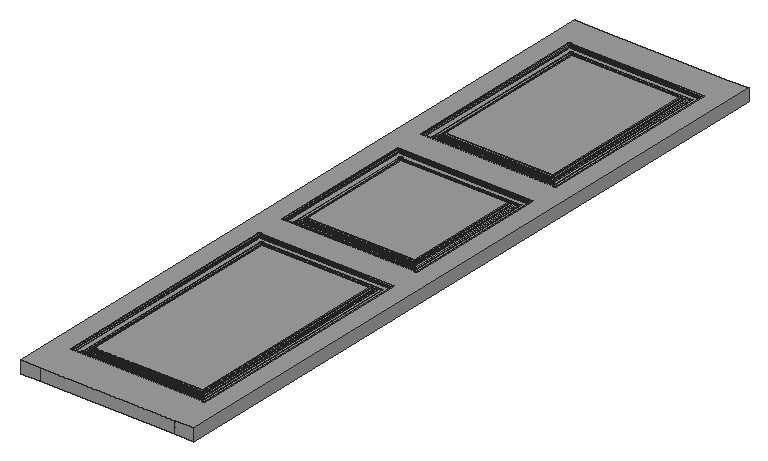
Revit family "Raised Panel tri panel", category Generic Models, Revit 2017
Family settings
  Can host rebar = No
  Round Connector Dimension = Use Diameter
  Part Type = Normal
  Work Plane-Based = Yes
  Always vertical = No
  Cut with Voids When Loaded = No
  Shared = No
  Room Calculation Point = No
Parameters
  Type Comments = "****All shutter dimensionsand configurations to be approved by NHSI****"
  Top Rail = 0' - 3 1/4"
  Shutter Width = 1' - 6"
  Website = ""
  URL = "www.newhorizonshutters.com"
  Shutter Thickness = 0' - 1 1/4"
  Model = "Raised Panel Tri-Panel"
  Mid Rail 2 Height = 4' - 0"
  Mid Rail 2 = 0' - 3"
  Manufacturer = "New Horizon Shutters"
  Shutter Height = 6' - 0"
  Finish Color = Default
  Default Elevation = 4' - 0"
  Mid Rail 1 Height = 2' - 6"
  Mid Rail 1 = 0' - 3"
  Bottom Rail = 0' - 4"
Reference planes (in)
  plane 1 "Center (Front/Back)": y = 0
  plane 2: z = 0
  plane 3 "Center (Left/Right)": x = 0
  plane 4: x = -9
  plane 5: y = 36
  plane 6: y = -36
  plane 7 "Y - axis_2": x = 9
  plane 8: z = 1.25
  plane 9: y = 32.75
  plane 10: y = -32
  plane 11 "Center_Rail_Datum": y = -6
  plane 12: z = 0.625
  plane 13: y = 12
Forms (in)
  Extrusion 1, solid, material "Default" <- "Finish Color"
    sketch origin (0, 0, 0) x (1, 0, 0) y (0, 1, 0)
      loop
        line (-9, -36) -> (-7, -36) -> (7, -36) -> (9, -36) -> (9, 36) -> (7, 36) -> (-7, 36) -> (-9, 36) -> (-9, -36)
      loop
        line (-7, -7.5) -> (-7, -32) -> (7, -32) -> (7, -7.5) -> (-7, -7.5)
      loop
        line (7, 32.75) -> (-7, 32.75) -> (-7, 13.5) -> (7, 13.5) -> (7, 32.75)
      loop
        line (-7, -4.5) -> (7, -4.5) -> (7, 10.5) -> (-7, 10.5) -> (-7, -4.5)
    from 0 to 1.25
  Sweep 2, solid, material "Default" <- "Finish Color"
    path in 3D
      loop
        line (7, 32.75, 1.25) -> (7, 13.5, 1.25) -> (-7, 13.5, 1.25) -> (-7, 32.75, 1.25) -> (7, 32.75, 1.25)
    profile origin (0, 32.75, 1.25) x (0, 1, 0) y (0, 0, 1)
      loop
        line (-1.37752, 0) -> (-1.37752, -0.625) -> (0, -0.625) -> (0, 0)
        arc (0, 0) -> (-0.02504, -0.01378) -> (-0.04104, -0.03746) r 0.06091
        arc (-0.04104, -0.03746) -> (-0.04628, -0.0548) -> (-0.04928, -0.07267) r 0.14219
        arc (-0.04928, -0.07267) -> (-0.05171, -0.09346) -> (-0.05472, -0.11416) r 0.74503
        arc (-0.05472, -0.11416) -> (-0.05996, -0.14893) -> (-0.06674, -0.18344) r 0.79069
        arc (-0.06674, -0.18344) -> (-0.07486, -0.21112) -> (-0.08675, -0.23741) r 0.20791
        arc (-0.08675, -0.23741) -> (-0.10165, -0.25791) -> (-0.12147, -0.2737) r 0.09437
        arc (-0.12147, -0.2737) -> (-0.1457, -0.28741) -> (-0.17052, -0.3) r 0.6066
        line (-0.17052, -0.3) -> (-0.62752, -0.3)
        arc (-0.62752, -0.3) -> (-0.64208, -0.29496) -> (-0.65681, -0.29049) r 0.40453
        arc (-0.65681, -0.29049) -> (-0.67266, -0.28638) -> (-0.68869, -0.283) r 0.36191
        line (-0.68869, -0.283) -> (-0.75912, -0.24542)
        arc (-0.75912, -0.24542) -> (-0.78951, -0.24115) -> (-0.82014, -0.2391) r 0.42091
        arc (-0.82014, -0.2391) -> (-0.89256, -0.23551) -> (-0.9648, -0.22914) r 1.88003
        arc (-0.9648, -0.22914) -> (-1.00444, -0.22264) -> (-1.04313, -0.21183) r 0.36506
        arc (-1.04313, -0.21183) -> (-1.05886, -0.20433) -> (-1.07242, -0.19338) r 0.07449
        arc (-1.07242, -0.19338) -> (-1.09569, -0.17614) -> (-1.12317, -0.16702) r 0.0916
        arc (-1.12317, -0.16702) -> (-1.14278, -0.16417) -> (-1.16247, -0.16199) r 0.5759
        arc (-1.16247, -0.16199) -> (-1.18273, -0.15909) -> (-1.20261, -0.15422) r 0.20782
        arc (-1.20261, -0.15422) -> (-1.23665, -0.13494) -> (-1.25889, -0.10277) r 0.08751
        arc (-1.25889, -0.10277) -> (-1.26838, -0.08102) -> (-1.27928, -0.05995) r 0.36482
        arc (-1.27928, -0.05995) -> (-1.32053, -0.01708) -> (-1.37752, 0) r 0.11715
  Sweep 3, solid, material "Default" <- "Finish Color"
    path in 3D
      loop
        line (7, -32, 1.25) -> (-7, -32, 1.25) -> (-7, -7.5, 1.25) -> (7, -7.5, 1.25) -> (7, -32, 1.25)
    profile origin (7, -19.75, 1.25) x (1, 0, 0) y (0, 0, 1)
      loop
        arc (-0.04103, -0.03763) -> (-0.04627, -0.05498) -> (-0.04927, -0.07285) r 0.14219
        arc (-0.04927, -0.07285) -> (-0.0517, -0.09363) -> (-0.05471, -0.11434) r 0.74503
        arc (-0.05471, -0.11434) -> (-0.05994, -0.14911) -> (-0.06672, -0.18361) r 0.79069
        arc (-0.06672, -0.18361) -> (-0.07485, -0.21129) -> (-0.08673, -0.23758) r 0.20791
        arc (-0.08673, -0.23758) -> (-0.10164, -0.25808) -> (-0.12146, -0.27388) r 0.09437
        arc (-0.12146, -0.27388) -> (-0.14568, -0.28759) -> (-0.17051, -0.30018) r 0.6066
        line (-0.17051, -0.30018) -> (-0.62751, -0.30018)
        arc (-0.62751, -0.30018) -> (-0.64206, -0.29514) -> (-0.6568, -0.29066) r 0.40453
        arc (-0.6568, -0.29066) -> (-0.67265, -0.28656) -> (-0.68867, -0.28318) r 0.36191
        line (-0.68867, -0.28318) -> (-0.7591, -0.24559)
        arc (-0.7591, -0.24559) -> (-0.7895, -0.24132) -> (-0.82012, -0.23928) r 0.42091
        arc (-0.82012, -0.23928) -> (-0.89255, -0.23569) -> (-0.96478, -0.22931) r 1.88003
        arc (-0.96478, -0.22931) -> (-1.00442, -0.22282) -> (-1.04311, -0.21201) r 0.36506
        arc (-1.04311, -0.21201) -> (-1.05885, -0.20451) -> (-1.07241, -0.19356) r 0.07449
        arc (-1.07241, -0.19356) -> (-1.09567, -0.17631) -> (-1.12315, -0.16719) r 0.0916
        arc (-1.12315, -0.16719) -> (-1.14276, -0.16434) -> (-1.16246, -0.16217) r 0.5759
        arc (-1.16246, -0.16217) -> (-1.18272, -0.15927) -> (-1.2026, -0.15439) r 0.20782
        arc (-1.2026, -0.15439) -> (-1.23663, -0.13512) -> (-1.25887, -0.10294) r 0.08751
        arc (-1.25887, -0.10294) -> (-1.26837, -0.0812) -> (-1.27926, -0.06012) r 0.36482
        arc (-1.27926, -0.06012) -> (-1.32051, -0.01725) -> (-1.37751, -0.00018) r 0.11715
        line (-1.37751, -0.00018) -> (-1.37751, -0.62518) -> (0.00001, -0.62518) -> (0.00001, -0.00018)
        arc (0.00001, -0.00018) -> (-0.02503, -0.01395) -> (-0.04103, -0.03763) r 0.06091
  Extrusion 4, solid, material "Default" <- "Finish Color"
    sketch origin (0, 0, 0) x (1, 0, 0) y (0, 1, 0)
      loop
        line (-5.62248, 14.87752) -> (5.62248, 14.87752) -> (5.62248, 31.37248) -> (-5.62248, 31.37248) -> (-5.62248, 14.87752)
      loop
        line (-5.62249, -30.62249) -> (5.62249, -30.62249) -> (5.62249, -8.87749) -> (-5.62249, -8.87749) -> (-5.62249, -30.62249)
    from 0.625 to 1.25
  Extrusion 5, solid, material "Default" <- "Finish Color"
    sketch origin (0, 0, 0) x (1, 0, 0) y (0, 1, 0)
      loop
        line (-6.95885, 32.70885) -> (-6.95885, -4.50001) -> (7.00002, -4.50001) -> (7.00002, 32.70885) -> (-6.95885, 32.70885)
      loop
        line (-7.00003, -7.49997) -> (-7.00003, -32.00003) -> (7.00003, -32.00003) -> (7.00003, -7.49997) -> (-7.00003, -7.49997)
    from 0 to 0.625
  Sweep 6, solid, material "Default" <- "Finish Color"
    path in 3D
      loop
        line (7, 10.5, 1.25) -> (7, -4.5, 1.25) -> (-6.95885, -4.5, 1.25) -> (-6.95885, 10.5, 1.25) -> (7, 10.5, 1.25)
    profile origin (0.02057, 10.5, 1.25) x (0, 1, 0) y (0, 0, 1)
      loop
        line (-1.37752, 0) -> (-1.37752, -0.625) -> (0, -0.625) -> (0, 0)
        arc (0, 0) -> (-0.02504, -0.01378) -> (-0.04104, -0.03746) r 0.06091
        arc (-0.04104, -0.03746) -> (-0.04628, -0.0548) -> (-0.04928, -0.07267) r 0.14219
        arc (-0.04928, -0.07267) -> (-0.05171, -0.09346) -> (-0.05472, -0.11416) r 0.74503
        arc (-0.05472, -0.11416) -> (-0.05996, -0.14893) -> (-0.06674, -0.18344) r 0.79069
        arc (-0.06674, -0.18344) -> (-0.07486, -0.21112) -> (-0.08675, -0.23741) r 0.20791
        arc (-0.08675, -0.23741) -> (-0.10165, -0.25791) -> (-0.12147, -0.2737) r 0.09437
        arc (-0.12147, -0.2737) -> (-0.1457, -0.28741) -> (-0.17052, -0.3) r 0.6066
        line (-0.17052, -0.3) -> (-0.62752, -0.3)
        arc (-0.62752, -0.3) -> (-0.64208, -0.29496) -> (-0.65681, -0.29049) r 0.40453
        arc (-0.65681, -0.29049) -> (-0.67266, -0.28638) -> (-0.68869, -0.283) r 0.36191
        line (-0.68869, -0.283) -> (-0.75912, -0.24542)
        arc (-0.75912, -0.24542) -> (-0.78951, -0.24115) -> (-0.82014, -0.2391) r 0.42091
        arc (-0.82014, -0.2391) -> (-0.89256, -0.23551) -> (-0.9648, -0.22914) r 1.88003
        arc (-0.9648, -0.22914) -> (-1.00444, -0.22264) -> (-1.04313, -0.21183) r 0.36506
        arc (-1.04313, -0.21183) -> (-1.05886, -0.20433) -> (-1.07242, -0.19338) r 0.07449
        arc (-1.07242, -0.19338) -> (-1.09569, -0.17614) -> (-1.12317, -0.16702) r 0.0916
        arc (-1.12317, -0.16702) -> (-1.14278, -0.16417) -> (-1.16247, -0.16199) r 0.5759
        arc (-1.16247, -0.16199) -> (-1.18273, -0.15909) -> (-1.20261, -0.15422) r 0.20782
        arc (-1.20261, -0.15422) -> (-1.23665, -0.13494) -> (-1.25889, -0.10277) r 0.08751
        arc (-1.25889, -0.10277) -> (-1.26838, -0.08102) -> (-1.27928, -0.05995) r 0.36482
        arc (-1.27928, -0.05995) -> (-1.32053, -0.01708) -> (-1.37752, 0) r 0.11715
  Extrusion 7, solid, material "Default" <- "Finish Color"
    sketch origin (0, 0, 0) x (1, 0, 0) y (0, 1, 0)
      loop
        line (-5.58133, 9.12248) -> (-5.58133, -3.12248) -> (5.62249, -3.12248) -> (5.62249, 9.12248) -> (-5.58133, 9.12248)
    from 0.625 to 1.25
Lines and regions (in)
  sketch lines
    curve 1: line (-7, 32.75, 1.25) -> (7, 32.75, 1.25)
    curve 2: line (7, -7.5, 1.25) -> (7, -32, 1.25)
    curve 3: line (-7, -7.5, 1.25) -> (7, -7.5, 1.25)
    curve 4: line (-7, -32, 1.25) -> (-7, -7.5, 1.25)
    curve 5: line (7, -32, 1.25) -> (-7, -32, 1.25)
    curve 6: line (7, 13.5, 1.25) -> (-7, 13.5, 1.25)
    curve 7: line (-7, 13.5, 1.25) -> (-7, 32.75, 1.25)
    curve 8: line (7, 32.75, 1.25) -> (7, 13.5, 1.25)
    curve 9: line (-6.95885, 10.5, 1.25) -> (7, 10.5, 1.25)
    curve 10: line (7, -4.5, 1.25) -> (-6.95885, -4.5, 1.25)
    curve 11: line (-6.95885, -4.5, 1.25) -> (-6.95885, 10.5, 1.25)
    curve 12: line (7, 10.5, 1.25) -> (7, -4.5, 1.25)
Dimensions and locks (in)
  equal spacing: plane 5, plane 1 "Center (Front/Back)", plane 6
  "Shutter Height": plane 5 to plane 6
  equal spacing: plane 4, plane 3 "Center (Left/Right)", plane 7 "Y - axis_2"
  "Shutter Width": plane 4 to plane 7 "Y - axis_2"
  "Shutter Thickness": plane 8 to level
  "Top Rail": plane 5 to plane 9
  "Bottom Rail": plane 10 to plane 6
  locked: Extrusion 1 sketch curve to Extrusion 1 sketch curve at 2  (x2)
  "Mid Rail 1 Height": plane 11 "Center_Rail_Datum" to plane 6
  equal spacing: Extrusion 1 sketch curve, plane 11 "Center_Rail_Datum", Extrusion 1 sketch curve
  "Mid Rail 1": Extrusion 1 sketch curve to Extrusion 1 sketch curve
  equal spacing: Extrusion 1 sketch curve, plane 13, Extrusion 1 sketch curve
  "Mid Rail 2": Extrusion 1 sketch curve to Extrusion 1 sketch curve
  "Mid Rail 2 Height": plane 13 to plane 6
  aligned and locked: plane 2 to level
  aligned and locked: Extrusion 1 sketch curve to plane 5
  aligned and locked: plane 9 to Extrusion 1 sketch curve
  aligned and locked: plane 6 to Extrusion 1 sketch curve
  aligned and locked: plane 4 to Extrusion 1 sketch curve
  aligned and locked: plane 7 "Y - axis_2" to Extrusion 1 sketch curve
  aligned and locked: plane 8 to Extrusion 1
  aligned and locked: Extrusion 1 sketch curve to Extrusion 1 sketch curve  (x2)
  aligned and locked: Extrusion 4 sketch curve to Sweep 2
  aligned and locked: Extrusion 4 sketch curve to Sweep 3  (x4)
  aligned and locked: plane 8 to Extrusion 4
  aligned and locked: Extrusion 4 to plane 12
  aligned and locked: Extrusion 5 sketch curve to Sweep 2  (x2)
  aligned and locked: Extrusion 5 sketch curve to Sweep 3  (x4)
  aligned and locked: plane 12 to Extrusion 5
  aligned and locked: Extrusion 5 to level
  aligned and locked: Extrusion 4 to Sweep 2
  aligned and locked: Extrusion 1 to curve 9
  aligned and locked: curve 11 to Extrusion 5
  aligned and locked: curve 10 to Extrusion 1
  aligned and locked: Extrusion 7 sketch curve to Sweep 6  (x3)
  aligned and locked: Sweep 6 to Extrusion 7 sketch curve
  aligned and locked: plane 8 to Extrusion 7
  aligned and locked: curve 12 to Extrusion 1
  aligned and locked: Extrusion 7 to plane 12
Automatic sketch dimensions
  Sweep 2 sketch curve to profile plane = 0' - 0"  (x3)
  profile plane to Sweep 2 sketch curve = 0' - 0.16984"
  Sweep 2 sketch curve to Sweep 2 sketch curve = 0' - 0.00069"
  Sweep 2 sketch curve to Sweep 2 sketch curve = 0' - 0.09997"
  Sweep 2 sketch curve to Sweep 2 sketch curve = 0' - 0.16253"
  Sweep 2 sketch curve to Sweep 2 sketch curve = 0' - 0.35771"
  Sweep 2 sketch curve to profile plane = 0' - 0.283"
  Sweep 2 sketch curve to Sweep 2 sketch curve = 0' - 0.06117"
  Sweep 2 sketch curve to Sweep 2 sketch curve = 0' - 0.06673"
  Sweep 2 sketch curve to profile plane = 0' - 0.24542"
  Sweep 2 sketch curve to Sweep 2 sketch curve = 0' - 0.07043"
  profile plane to Sweep 2 sketch curve = 0' - 0.76337"
  Sweep 2 sketch curve to Sweep 2 sketch curve = 0' - 0.01161"
  profile plane to Sweep 2 sketch curve = 0' - 0.00344"
  Sweep 2 sketch curve to Sweep 2 sketch curve = 0' - 0.0313"
  Sweep 2 sketch curve to Sweep 2 sketch curve = 0' - 0.06582"
  Sweep 2 sketch curve to profile plane = 0' - 0.01383"
  Sweep 2 sketch curve to Sweep 2 sketch curve = 0' - 0.04861"
  Sweep 2 sketch curve to Sweep 2 sketch curve = 0' - 0.08666"
  Sweep 2 sketch curve to Sweep 2 sketch curve = 0' - 0.18014"
  Sweep 2 sketch curve to Sweep 2 sketch curve = 0' - 0.11875"
  profile plane to Sweep 2 sketch curve = 0' - 0.04493"
  Sweep 2 sketch curve to Sweep 2 sketch curve = 0' - 0.12405"
  Sweep 2 sketch curve to profile plane = 0' - 0.07036"
  Sweep 2 sketch curve to Sweep 2 sketch curve = 0' - 0.03439"
  Sweep 2 sketch curve to Sweep 2 sketch curve = 0' - 0.38301"
  Sweep 2 sketch curve to Sweep 2 sketch curve = 0' - 0.16167"
  Sweep 2 sketch curve to Sweep 2 sketch curve = 0' - 0.00403"
  Sweep 2 sketch curve to Sweep 2 sketch curve = 0' - 0.21621"
  Sweep 2 sketch curve to profile plane = 0' - 0.01602"
  Sweep 2 sketch curve to Sweep 2 sketch curve = 0' - 0.07615"
  Sweep 2 sketch curve to Sweep 2 sketch curve = 0' - 0.017"
  Sweep 2 sketch curve to Sweep 2 sketch curve = 0' - 0.325"
  Sweep 2 sketch curve to Sweep 2 sketch curve = 0' - 0.3557"
  Sweep 2 sketch curve to Sweep 2 sketch curve = 0' - 0.02111"
  Sweep 2 sketch curve to Sweep 2 sketch curve = 0' - 0.04101"
  Sweep 2 sketch curve to Sweep 2 sketch curve = 0' - 0.11042"
  Sweep 2 sketch curve to Sweep 2 sketch curve = 0' - 0.18707"
  Sweep 2 sketch curve to profile plane = 0' - 0.23787"
  Sweep 2 sketch curve to Sweep 2 sketch curve = 0' - 0.10733"
  Sweep 2 sketch curve to profile plane = 0' - 0.1413"
  Sweep 2 sketch curve to Sweep 2 sketch curve = 0' - 0.05383"
  Sweep 2 sketch curve to profile plane = 0' - 0.11708"
  Sweep 2 sketch curve to profile plane = 0' - 0.0872"
  Sweep 2 sketch curve to profile plane = 0' - 0.05876"
  profile plane to Sweep 2 sketch curve = 0' - 0.13382"
  profile plane to Sweep 2 sketch curve = 0' - 0.24719"
  Sweep 2 sketch curve to Sweep 2 sketch curve = 0' - 1.39288"
  Sweep 2 sketch curve to Sweep 2 sketch curve = 0' - 0"  (x12)
  Sweep 2 sketch curve to Sweep 2 sketch curve = 0' - 0.00544"
  Sweep 3 sketch curve to profile plane = 0' - 0.23805"
  profile plane to Sweep 3 sketch curve = 0' - 1.59775"
  Sweep 3 sketch curve to profile plane = 0' - 0.11726"
  Sweep 3 sketch curve to Sweep 3 sketch curve = 0' - 0.21621"
  Sweep 3 sketch curve to Sweep 3 sketch curve = 0' - 0.22024"
  Sweep 3 sketch curve to Sweep 3 sketch curve = 0' - 0.16167"
  Sweep 3 sketch curve to profile plane = 0' - 0.07053"
  Sweep 3 sketch curve to Sweep 3 sketch curve = 0' - 0.20395"
  profile plane to Sweep 3 sketch curve = 0' - 0.04476"
  Sweep 3 sketch curve to Sweep 3 sketch curve = 0' - 0.03439"
  Sweep 3 sketch curve to Sweep 3 sketch curve = 0' - 0.03969"
  Sweep 3 sketch curve to Sweep 3 sketch curve = 0' - 0.11875"
  profile plane to Sweep 3 sketch curve = 0' - 0.13364"
  Sweep 3 sketch curve to Sweep 3 sketch curve = 0' - 0.21753"
  Sweep 3 sketch curve to profile plane = 0' - 0.01401"
  Sweep 3 sketch curve to Sweep 3 sketch curve = 0' - 0.08666"
  Sweep 3 sketch curve to Sweep 3 sketch curve = 0' - 0.38301"
  profile plane to Sweep 3 sketch curve = 0' - 0.00326"
  Sweep 3 sketch curve to Sweep 3 sketch curve = 0' - 0.04861"
  Sweep 3 sketch curve to Sweep 3 sketch curve = 0' - 0.06582"
  profile plane to Sweep 3 sketch curve = 0' - 0.76335"
  Sweep 3 sketch curve to profile plane = 0' - 0.24559"
  Sweep 3 sketch curve to Sweep 3 sketch curve = 0' - 0.07991"
  Sweep 3 sketch curve to Sweep 3 sketch curve = 0' - 0.01161"
  Sweep 3 sketch curve to profile plane = 0' - 0.28318"
  Sweep 3 sketch curve to Sweep 3 sketch curve = 0' - 0.07043"
  Sweep 3 sketch curve to Sweep 3 sketch curve = 0' - 0.06117"
  profile plane to Sweep 3 sketch curve = 0' - 0.43232"
  Sweep 3 sketch curve to profile plane = 0' - 0.13901"
  profile plane to Sweep 3 sketch curve = 0' - 0.2698"
  profile plane to Sweep 3 sketch curve = 0' - 0.17051"
  Sweep 3 sketch curve to Sweep 3 sketch curve = 0' - 0.00069"
  Sweep 3 sketch curve to profile plane = 0' - 0"
  Sweep 3 sketch curve to profile plane = 0' - 0.01603"
  Sweep 3 sketch curve to Sweep 3 sketch curve = 0' - 0.07615"
  Sweep 3 sketch curve to Sweep 3 sketch curve = 0' - 0.017"
  Sweep 3 sketch curve to Sweep 3 sketch curve = 0' - 0.38713"
  Sweep 3 sketch curve to Sweep 3 sketch curve = 0' - 0.3557"
  Sweep 3 sketch curve to Sweep 3 sketch curve = 0' - 0.02111"
  Sweep 3 sketch curve to Sweep 3 sketch curve = 0' - 0.04101"
  Sweep 3 sketch curve to Sweep 3 sketch curve = 0' - 0.11042"
  Sweep 3 sketch curve to Sweep 3 sketch curve = 0' - 0.18707"
  Sweep 3 sketch curve to Sweep 3 sketch curve = 0' - 0.10733"
  Sweep 3 sketch curve to profile plane = 0' - 0.14148"
  Sweep 3 sketch curve to profile plane = 0' - 0.08737"
  Sweep 3 sketch curve to profile plane = 0' - 0.05894"
  Sweep 3 sketch curve to profile plane = 0' - 0.00018"  (x2)
  profile plane to Sweep 3 sketch curve = 0' - 0.24702"
  Sweep 3 sketch curve to Sweep 3 sketch curve = 0' - 1.39288"
  Sweep 3 sketch curve to Sweep 3 sketch curve = 0' - 0"  (x12)
  profile plane to Sweep 3 sketch curve = 0' - 0.05471"
  plane 4 to Extrusion 4 sketch curve = 0' - 3.37752"
  Extrusion 4 sketch curve to plane 7 "Y - axis_2" = 0' - 3.37752"
  plane 13 to Extrusion 4 sketch curve = 0' - 2.87752"
  Extrusion 5 sketch curve to plane 7 "Y - axis_2" = 0' - 2"
  plane 11 "Center_Rail_Datum" to Extrusion 5 sketch curve = 0' - 1 1/2"
  Sweep 6 sketch curve to profile plane = 0' - 0"  (x3)
  profile plane to Sweep 6 sketch curve = 0' - 0.16984"
  Sweep 6 sketch curve to Sweep 6 sketch curve = 0' - 0.00069"
  Sweep 6 sketch curve to Sweep 6 sketch curve = 0' - 0.09997"
  Sweep 6 sketch curve to Sweep 6 sketch curve = 0' - 0.16253"
  Sweep 6 sketch curve to Sweep 6 sketch curve = 0' - 0.35771"
  Sweep 6 sketch curve to profile plane = 0' - 0.283"
  Sweep 6 sketch curve to Sweep 6 sketch curve = 0' - 0.06117"
  Sweep 6 sketch curve to Sweep 6 sketch curve = 0' - 0.06673"
  Sweep 6 sketch curve to profile plane = 0' - 0.24542"
  Sweep 6 sketch curve to Sweep 6 sketch curve = 0' - 0.07043"
  profile plane to Sweep 6 sketch curve = 0' - 0.76337"
  Sweep 6 sketch curve to Sweep 6 sketch curve = 0' - 0.01161"
  profile plane to Sweep 6 sketch curve = 0' - 0.00344"
  Sweep 6 sketch curve to Sweep 6 sketch curve = 0' - 0.0313"
  Sweep 6 sketch curve to Sweep 6 sketch curve = 0' - 0.06582"
  Sweep 6 sketch curve to profile plane = 0' - 0.01383"
  Sweep 6 sketch curve to Sweep 6 sketch curve = 0' - 0.04861"
  Sweep 6 sketch curve to Sweep 6 sketch curve = 0' - 0.08666"
  Sweep 6 sketch curve to Sweep 6 sketch curve = 0' - 0.18014"
  Sweep 6 sketch curve to Sweep 6 sketch curve = 0' - 0.11875"
  profile plane to Sweep 6 sketch curve = 0' - 0.04493"
  Sweep 6 sketch curve to Sweep 6 sketch curve = 0' - 0.12405"
  Sweep 6 sketch curve to profile plane = 0' - 0.07036"
  Sweep 6 sketch curve to Sweep 6 sketch curve = 0' - 0.03439"
  Sweep 6 sketch curve to Sweep 6 sketch curve = 0' - 0.38301"
  Sweep 6 sketch curve to Sweep 6 sketch curve = 0' - 0.16167"
  Sweep 6 sketch curve to Sweep 6 sketch curve = 0' - 0.00403"
  Sweep 6 sketch curve to Sweep 6 sketch curve = 0' - 0.21621"
  Sweep 6 sketch curve to profile plane = 0' - 0.01602"
  Sweep 6 sketch curve to Sweep 6 sketch curve = 0' - 0.07615"
  Sweep 6 sketch curve to Sweep 6 sketch curve = 0' - 0.017"
  Sweep 6 sketch curve to Sweep 6 sketch curve = 0' - 0.325"
  Sweep 6 sketch curve to Sweep 6 sketch curve = 0' - 0.3557"
  Sweep 6 sketch curve to Sweep 6 sketch curve = 0' - 0.02111"
  Sweep 6 sketch curve to Sweep 6 sketch curve = 0' - 0.04101"
  Sweep 6 sketch curve to Sweep 6 sketch curve = 0' - 0.11042"
  Sweep 6 sketch curve to Sweep 6 sketch curve = 0' - 0.18707"
  Sweep 6 sketch curve to profile plane = 0' - 0.23787"
  Sweep 6 sketch curve to Sweep 6 sketch curve = 0' - 0.10733"
  Sweep 6 sketch curve to profile plane = 0' - 0.1413"
  Sweep 6 sketch curve to Sweep 6 sketch curve = 0' - 0.05383"
  Sweep 6 sketch curve to profile plane = 0' - 0.11708"
  Sweep 6 sketch curve to profile plane = 0' - 0.0872"
  Sweep 6 sketch curve to profile plane = 0' - 0.05876"
  profile plane to Sweep 6 sketch curve = 0' - 0.13382"
  profile plane to Sweep 6 sketch curve = 0' - 0.24719"
  Sweep 6 sketch curve to Sweep 6 sketch curve = 0' - 1.39288"
  Sweep 6 sketch curve to Sweep 6 sketch curve = 0' - 0"  (x12)
  Sweep 6 sketch curve to Sweep 6 sketch curve = 0' - 0.00544"
  Extrusion 1 sketch curve to plane 10 = 0' - 0"
  Extrusion 1 sketch curve to Extrusion 1 sketch curve = 0' - 2"  (x2)
  plane 4 to Extrusion 1 sketch curve = 0' - 2"  (x2)
  Extrusion 1 sketch curve to plane 7 "Y - axis_2" = 0' - 2"  (x2)
